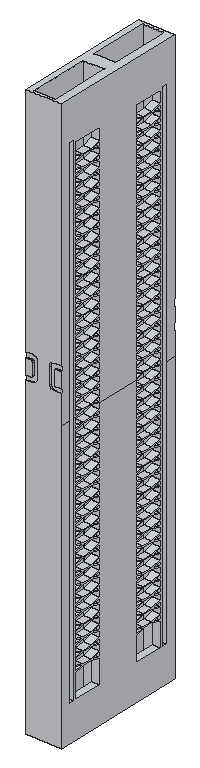
Revit family
Parameters
  Material ID = "760089383"
  Description = "Vertical Cable Management Kit, 6in X 96in (152mm X 2438mm) Double Sided, With Doors, Black"
Reference planes (in)
  plane 1 "Center (Front/Back)": y = 0
  plane 2: z = 0
  plane 3 "Center (Left/Right)": x = 0
Forms (in)
  Extrusion 1, void, not visible
    sketch origin (0, 0, 0) x (1, 0, 0) y (0, 0, 1)
      loop
        line (-7.85662, 0.48089) -> (-7.85662, -0.39002) -> (-7.67285, -0.39002) -> (-7.67285, -0.64002) -> (-7.0736, -0.64002) -> (-7.0736, -0.39002) -> (-6.92978, -0.39002) -> (-6.92978, 0.48089) -> (-7.85662, 0.48089)
    from -3.79215 to 12
  Extrusion 2, void, not visible
    sketch origin (0, 0, 0) x (1, 0, 0) y (0, 0, 1)
      loop
        line (-8.21397, 0.42583) -> (-8.21397, -0.07417) -> (-8.08657, -0.07417) -> (-8.08657, -0.27417) -> (-7.83657, -0.27417) -> (-7.83657, -0.07417) -> (-7.72497, -0.07417) -> (-7.72497, 0.42583) -> (-8.21397, 0.42583)
    from 0.74059 to 3.34334
  Extrusion 3, solid
    sketch origin (0, 0, 0) x (1, 0, 0) y (0, 0, 1)
      loop
        line (3, 48) -> (-3, 48) -> (-3, -48) -> (3, -48) -> (3, 0) -> (3, 48)
    from 11.281 to -12.189
  Extrusion 4, void
    sketch origin (0, 0, 0) x (1, 0, 0) y (0, 0, 1)
      loop
        line (-3, 9.00056) -> (-3, 8.06684) -> (-2.1, 8.06684)
        arc (-2.1, 8.06684) -> (-1.88787, 7.97898) -> (-1.8, 7.76684) r 0.3
        line (-1.8, 7.76684) -> (-1.8, 5.85056)
        arc (-1.8, 5.85056) -> (-1.88787, 5.63843) -> (-2.1, 5.55056) r 0.3
        line (-2.1, 5.55056) -> (-3, 5.55056) -> (-3, 4.75056) -> (-1.8, 4.75056)
        arc (-1.8, 4.75056) -> (-1.23431, 4.98488) -> (-1, 5.55056) r 0.8
        line (-1, 5.55056) -> (-1, 8.20056)
        arc (-1, 8.20056) -> (-1.23431, 8.76625) -> (-1.8, 9.00056) r 0.8
        line (-1.8, 9.00056) -> (-3, 9.00056)
      loop
        line (3, 9.00056) -> (1.8, 9.00056)
        arc (1.8, 9.00056) -> (1.23431, 8.76625) -> (1, 8.20056) r 0.8
        line (1, 8.20056) -> (1, 5.55056)
        arc (1, 5.55056) -> (1.23431, 4.98488) -> (1.8, 4.75056) r 0.8
        line (1.8, 4.75056) -> (3, 4.75056) -> (3, 5.55056) -> (2.1, 5.55056)
        arc (2.1, 5.55056) -> (1.88787, 5.63843) -> (1.8, 5.85056) r 0.3
        line (1.8, 5.85056) -> (1.8, 7.76684)
        arc (1.8, 7.76684) -> (1.88787, 7.97898) -> (2.1, 8.06684) r 0.3
        line (2.1, 8.06684) -> (3, 8.06684) -> (3, 9.00056)
    from 11.08569 to 11.281
  Extrusion 5, void
    sketch origin (0, 0, 0) x (1, 0, 0) y (0, 1, 0)
      loop
        line (1.70983, -0.6615) -> (-2.04017, -0.6615) -> (-2.04017, -10.9115) -> (1.70983, -10.9115) -> (1.70983, -0.6615)
      loop
        line (1.70983, 1.5695) -> (1.70983, 11.8195) -> (-2.04017, 11.8195) -> (-2.04017, 1.5695) -> (1.70983, 1.5695)
    from -58.88014 to 54.97812
  Extrusion 6, void
    sketch origin (0, 0, 0) x (0, 1, 0) y (0, 0, 1)
      loop
        line (-3.37841, 39.06909) -> (-3.37841, 41.06909) -> (-8.50915, 41.06909) -> (-8.50915, 39.06909) -> (-6.81878, 38.61615) -> (-5.06878, 38.61615) -> (-3.37841, 39.06909)
      loop
        line (-3.37841, 38.06909) -> (-5.06878, 38.52202) -> (-6.81878, 38.52202) -> (-8.50915, 38.06909) -> (-8.50915, 37.81909) -> (-8.50915, 37.06909) -> (-6.81878, 36.61615) -> (-5.06878, 36.61615) -> (-3.37841, 37.06909) -> (-3.37841, 37.81909) -> (-3.37841, 38.06909)
      loop
        line (-3.37841, 39.00985) -> (-4.9864, 38.57899) -> (-3.37841, 38.14813) -> (-3.37841, 39.00985)
      loop
        line (-8.50915, 39.00985) -> (-8.50915, 38.14813) -> (-6.90115, 38.57899) -> (-8.50915, 39.00985)
      loop
        line (-3.37841, 36.06909) -> (-5.06878, 36.52202) -> (-6.81878, 36.52202) -> (-8.50915, 36.06909) -> (-8.50915, 35.06909) -> (-6.81878, 34.61615) -> (-5.06878, 34.61615) -> (-3.37841, 35.06909) -> (-3.37841, 36.06909)
      loop
        line (-3.37841, 37.00985) -> (-4.9864, 36.57899) -> (-3.37841, 36.14813) -> (-3.37841, 37.00985)
      loop
        line (-8.50915, 37.00985) -> (-8.50915, 36.14813) -> (-6.90115, 36.57899) -> (-8.50915, 37.00985)
      loop
        line (-3.37841, 34.06909) -> (-5.06878, 34.52202) -> (-6.81878, 34.52202) -> (-8.50915, 34.06909) -> (-8.50915, 33.06909) -> (-6.81878, 32.61615) -> (-5.06878, 32.61615) -> (-3.37841, 33.06909) -> (-3.37841, 34.06909)
      loop
        line (-3.37841, 35.00985) -> (-4.9864, 34.57899) -> (-3.37841, 34.14813) -> (-3.37841, 35.00985)
      loop
        line (-8.50915, 35.00985) -> (-8.50915, 34.14813) -> (-6.90115, 34.57899) -> (-8.50915, 35.00985)
      loop
        line (-3.37841, 32.06909) -> (-5.06878, 32.52202) -> (-6.81878, 32.52202) -> (-8.50915, 32.06909) -> (-8.50915, 31.06909) -> (-6.81878, 30.61615) -> (-5.06878, 30.61615) -> (-3.37841, 31.06909) -> (-3.37841, 32.06909)
      loop
        line (-3.37841, 33.00985) -> (-4.9864, 32.57899) -> (-3.37841, 32.14813) -> (-3.37841, 33.00985)
      loop
        line (-8.50915, 33.00985) -> (-8.50915, 32.14813) -> (-6.90115, 32.57899) -> (-8.50915, 33.00985)
      loop
        line (-3.37841, 30.06909) -> (-5.06878, 30.52202) -> (-6.81878, 30.52202) -> (-8.50915, 30.06909) -> (-8.50915, 29.06909) -> (-6.81878, 28.61615) -> (-5.06878, 28.61615) -> (-3.37841, 29.06909) -> (-3.37841, 30.06909)
      loop
        line (-3.37841, 31.00985) -> (-4.9864, 30.57899) -> (-3.37841, 30.14813) -> (-3.37841, 31.00985)
      loop
        line (-8.50915, 31.00985) -> (-8.50915, 30.14813) -> (-6.90115, 30.57899) -> (-8.50915, 31.00985)
      loop
        line (-3.37841, 28.06909) -> (-5.06878, 28.52202) -> (-6.81878, 28.52202) -> (-8.50915, 28.06909) -> (-8.50915, 27.06909) -> (-6.81878, 26.61615) -> (-5.06878, 26.61615) -> (-3.37841, 27.06909) -> (-3.37841, 28.06909)
      loop
        line (-3.37841, 29.00985) -> (-4.9864, 28.57899) -> (-3.37841, 28.14813) -> (-3.37841, 29.00985)
      loop
        line (-8.50915, 29.00985) -> (-8.50915, 28.14813) -> (-6.90115, 28.57899) -> (-8.50915, 29.00985)
      loop
        line (-3.37841, 26.06909) -> (-5.06878, 26.52202) -> (-6.81878, 26.52202) -> (-8.50915, 26.06909) -> (-8.50915, 25.06909) -> (-6.81878, 24.61615) -> (-5.06878, 24.61615) -> (-3.37841, 25.06909) -> (-3.37841, 26.06909)
      loop
        line (-3.37841, 27.00985) -> (-4.9864, 26.57899) -> (-3.37841, 26.14813) -> (-3.37841, 27.00985)
      loop
        line (-8.50915, 27.00985) -> (-8.50915, 26.14813) -> (-6.90115, 26.57899) -> (-8.50915, 27.00985)
      loop
        line (-3.37841, 24.06909) -> (-5.06878, 24.52202) -> (-6.81878, 24.52202) -> (-8.50915, 24.06909) -> (-8.50915, 23.06909) -> (-6.81878, 22.61615) -> (-5.06878, 22.61615) -> (-3.37841, 23.06909) -> (-3.37841, 24.06909)
      loop
        line (-3.37841, 25.00985) -> (-4.9864, 24.57899) -> (-3.37841, 24.14813) -> (-3.37841, 25.00985)
      loop
        line (-8.50915, 25.00985) -> (-8.50915, 24.14813) -> (-6.90115, 24.57899) -> (-8.50915, 25.00985)
      loop
        line (-3.37841, 22.06909) -> (-5.06878, 22.52202) -> (-6.81878, 22.52202) -> (-8.50915, 22.06909) -> (-8.50915, 21.06909) -> (-6.81878, 20.61615) -> (-5.06878, 20.61615) -> (-3.37841, 21.06909) -> (-3.37841, 22.06909)
      loop
        line (-3.37841, 23.00985) -> (-4.9864, 22.57899) -> (-3.37841, 22.14813) -> (-3.37841, 23.00985)
      loop
        line (-8.50915, 23.00985) -> (-8.50915, 22.14813) -> (-6.90115, 22.57899) -> (-8.50915, 23.00985)
      loop
        line (-3.37841, 20.06909) -> (-5.06878, 20.52202) -> (-6.81878, 20.52202) -> (-8.50915, 20.06909) -> (-8.50915, 19.06909) -> (-6.81878, 18.61615) -> (-5.06878, 18.61615) -> (-3.37841, 19.06909) -> (-3.37841, 20.06909)
      loop
        line (-3.37841, 21.00985) -> (-4.9864, 20.57899) -> (-3.37841, 20.14813) -> (-3.37841, 21.00985)
      loop
        line (-8.50915, 21.00985) -> (-8.50915, 20.14813) -> (-6.90115, 20.57899) -> (-8.50915, 21.00985)
      loop
        line (-3.37841, 18.06909) -> (-5.06878, 18.52202) -> (-6.81878, 18.52202) -> (-8.50915, 18.06909) -> (-8.50915, 17.06909) -> (-6.81878, 16.61615) -> (-5.06878, 16.61615) -> (-3.37841, 17.06909) -> (-3.37841, 18.06909)
      loop
        line (-3.37841, 19.00985) -> (-4.9864, 18.57899) -> (-3.37841, 18.14813) -> (-3.37841, 19.00985)
      loop
        line (-8.50915, 19.00985) -> (-8.50915, 18.14813) -> (-6.90115, 18.57899) -> (-8.50915, 19.00985)
      loop
        line (-3.37841, 16.06909) -> (-5.06878, 16.52202) -> (-6.81878, 16.52202) -> (-8.50915, 16.06909) -> (-8.50915, 15.06909) -> (-6.81878, 14.61615) -> (-5.06878, 14.61615) -> (-3.37841, 15.06909) -> (-3.37841, 16.06909)
      loop
        line (-3.37841, 17.00985) -> (-4.9864, 16.57899) -> (-3.37841, 16.14813) -> (-3.37841, 17.00985)
      loop
        line (-8.50915, 17.00985) -> (-8.50915, 16.14813) -> (-6.90115, 16.57899) -> (-8.50915, 17.00985)
      loop
        line (-3.37841, 14.06909) -> (-5.06878, 14.52202) -> (-6.81878, 14.52202) -> (-8.50915, 14.06909) -> (-8.50915, 13.06909) -> (-6.81878, 12.61615) -> (-5.06878, 12.61615) -> (-3.37841, 13.06909) -> (-3.37841, 14.06909)
      loop
        line (-3.37841, 15.00985) -> (-4.9864, 14.57899) -> (-3.37841, 14.14813) -> (-3.37841, 15.00985)
      loop
        line (-8.50915, 15.00985) -> (-8.50915, 14.14813) -> (-6.90115, 14.57899) -> (-8.50915, 15.00985)
      loop
        line (-3.37841, 12.06909) -> (-5.06878, 12.52202) -> (-6.81878, 12.52202) -> (-8.50915, 12.06909) -> (-8.50915, 11.06909) -> (-6.81878, 10.61615) -> (-5.06878, 10.61615) -> (-3.37841, 11.06909) -> (-3.37841, 12.06909)
      loop
        line (-3.37841, 13.00985) -> (-4.9864, 12.57899) -> (-3.37841, 12.14813) -> (-3.37841, 13.00985)
      loop
        line (-8.50915, 13.00985) -> (-8.50915, 12.14813) -> (-6.90115, 12.57899) -> (-8.50915, 13.00985)
      loop
        line (-3.37841, 10.06909) -> (-5.06878, 10.52202) -> (-6.81878, 10.52202) -> (-8.50915, 10.06909) -> (-8.50915, 9.06909) -> (-6.81878, 8.61615) -> (-5.06878, 8.61615) -> (-3.37841, 9.06909) -> (-3.37841, 10.06909)
      loop
        line (-3.37841, 11.00985) -> (-4.9864, 10.57899) -> (-3.37841, 10.14813) -> (-3.37841, 11.00985)
      loop
        line (-8.50915, 11.00985) -> (-8.50915, 10.14813) -> (-6.90115, 10.57899) -> (-8.50915, 11.00985)
      loop
        line (-3.37841, 8.06909) -> (-5.06878, 8.52202) -> (-6.81878, 8.52202) -> (-8.50915, 8.06909) -> (-8.50915, 7.06909) -> (-6.81878, 6.61615) -> (-5.06878, 6.61615) -> (-3.37841, 7.06909) -> (-3.37841, 8.06909)
      loop
        line (-3.37841, 9.00985) -> (-4.9864, 8.57899) -> (-3.37841, 8.14813) -> (-3.37841, 9.00985)
      loop
        line (-8.50915, 9.00985) -> (-8.50915, 8.14813) -> (-6.90115, 8.57899) -> (-8.50915, 9.00985)
      loop
        line (-3.37841, 6.06909) -> (-5.06878, 6.52202) -> (-6.81878, 6.52202) -> (-8.50915, 6.06909) -> (-8.50915, 5.06909) -> (-6.81878, 4.61615) -> (-5.06878, 4.61615) -> (-3.37841, 5.06909) -> (-3.37841, 6.06909)
      loop
        line (-3.37841, 7.00985) -> (-4.9864, 6.57899) -> (-3.37841, 6.14813) -> (-3.37841, 7.00985)
      loop
        line (-8.50915, 7.00985) -> (-8.50915, 6.14813) -> (-6.90115, 6.57899) -> (-8.50915, 7.00985)
      loop
        line (-3.37841, 4.06909) -> (-5.06878, 4.52202) -> (-6.81878, 4.52202) -> (-8.50915, 4.06909) -> (-8.50915, 3.06909) -> (-6.81878, 2.61615) -> (-5.06878, 2.61615) -> (-3.37841, 3.06909) -> (-3.37841, 4.06909)
      loop
        line (-3.37841, 5.00985) -> (-4.9864, 4.57899) -> (-3.37841, 4.14813) -> (-3.37841, 5.00985)
      loop
        line (-8.50915, 5.00985) -> (-8.50915, 4.14813) -> (-6.90115, 4.57899) -> (-8.50915, 5.00985)
      loop
        line (-3.37841, 2.06909) -> (-5.06878, 2.52202) -> (-6.81878, 2.52202) -> (-8.50915, 2.06909) -> (-8.50915, 1.06909) -> (-6.81878, 0.61615) -> (-5.06878, 0.61615) -> (-3.37841, 1.06909) -> (-3.37841, 2.06909)
      loop
        line (-3.37841, 3.00985) -> (-4.9864, 2.57899) -> (-3.37841, 2.14813) -> (-3.37841, 3.00985)
      loop
        line (-8.50915, 3.00985) -> (-8.50915, 2.14813) -> (-6.90115, 2.57899) -> (-8.50915, 3.00985)
      loop
        line (-3.37841, 0.06909) -> (-5.06878, 0.52202) -> (-6.81878, 0.52202) -> (-8.50915, 0.06909) -> (-8.50915, -0.93091) -> (-6.81878, -1.38385) -> (-5.06878, -1.38385) -> (-3.37841, -0.93091) -> (-3.37841, 0.06909)
      loop
        line (-3.37841, 1.00985) -> (-4.9864, 0.57899) -> (-3.37841, 0.14813) -> (-3.37841, 1.00985)
      loop
        line (-8.50915, 1.00985) -> (-8.50915, 0.14813) -> (-6.90115, 0.57899) -> (-8.50915, 1.00985)
      loop
        line (-3.37841, -1.93091) -> (-5.06878, -1.47798) -> (-6.81878, -1.47798) -> (-8.50915, -1.93091) -> (-8.50915, -2.93091) -> (-6.81878, -3.38385) -> (-5.06878, -3.38385) -> (-3.37841, -2.93091) -> (-3.37841, -1.93091)
      loop
        line (-3.37841, -0.99015) -> (-4.9864, -1.42101) -> (-3.37841, -1.85187) -> (-3.37841, -0.99015)
      loop
        line (-8.50915, -0.99015) -> (-8.50915, -1.85187) -> (-6.90115, -1.42101) -> (-8.50915, -0.99015)
      loop
        line (-3.37841, -3.93091) -> (-5.06878, -3.47798) -> (-6.81878, -3.47798) -> (-8.50915, -3.93091) -> (-8.50915, -4.93091) -> (-6.81878, -5.38385) -> (-5.06878, -5.38385) -> (-3.37841, -4.93091) -> (-3.37841, -3.93091)
      loop
        line (-3.37841, -2.99015) -> (-4.9864, -3.42101) -> (-3.37841, -3.85187) -> (-3.37841, -2.99015)
      loop
        line (-8.50915, -2.99015) -> (-8.50915, -3.85187) -> (-6.90115, -3.42101) -> (-8.50915, -2.99015)
      loop
        line (-3.37841, -5.93091) -> (-5.06878, -5.47798) -> (-6.81878, -5.47798) -> (-8.50915, -5.93091) -> (-8.50915, -6.93091) -> (-6.81878, -7.38385) -> (-5.06878, -7.38385) -> (-3.37841, -6.93091) -> (-3.37841, -5.93091)
      loop
        line (-3.37841, -4.99015) -> (-4.9864, -5.42101) -> (-3.37841, -5.85187) -> (-3.37841, -4.99015)
      loop
        line (-8.50915, -4.99015) -> (-8.50915, -5.85187) -> (-6.90115, -5.42101) -> (-8.50915, -4.99015)
      loop
        line (-3.37841, -7.93091) -> (-5.06878, -7.47798) -> (-6.81878, -7.47798) -> (-8.50915, -7.93091) -> (-8.50915, -8.93091) -> (-6.81878, -9.38385) -> (-5.06878, -9.38385) -> (-3.37841, -8.93091) -> (-3.37841, -7.93091)
      loop
        line (-3.37841, -6.99015) -> (-4.9864, -7.42101) -> (-3.37841, -7.85187) -> (-3.37841, -6.99015)
      loop
        line (-8.50915, -6.99015) -> (-8.50915, -7.85187) -> (-6.90115, -7.42101) -> (-8.50915, -6.99015)
      loop
        line (-3.37841, -9.93091) -> (-5.06878, -9.47798) -> (-6.81878, -9.47798) -> (-8.50915, -9.93091) -> (-8.50915, -10.93091) -> (-6.81878, -11.38385) -> (-5.06878, -11.38385) -> (-3.37841, -10.93091) -> (-3.37841, -9.93091)
      loop
        line (-3.37841, -8.99015) -> (-4.9864, -9.42101) -> (-3.37841, -9.85187) -> (-3.37841, -8.99015)
      loop
        line (-8.50915, -8.99015) -> (-8.50915, -9.85187) -> (-6.90115, -9.42101) -> (-8.50915, -8.99015)
      loop
        line (-3.37841, -11.93091) -> (-5.06878, -11.47798) -> (-6.81878, -11.47798) -> (-8.50915, -11.93091) -> (-8.50915, -12.93091) -> (-6.81878, -13.38385) -> (-5.06878, -13.38385) -> (-3.37841, -12.93091) -> (-3.37841, -11.93091)
      loop
        line (-3.37841, -10.99015) -> (-4.9864, -11.42101) -> (-3.37841, -11.85187) -> (-3.37841, -10.99015)
      loop
        line (-8.50915, -10.99015) -> (-8.50915, -11.85187) -> (-6.90115, -11.42101) -> (-8.50915, -10.99015)
      loop
        line (-3.37841, -13.93091) -> (-5.06878, -13.47798) -> (-6.81878, -13.47798) -> (-8.50915, -13.93091) -> (-8.50915, -14.93091) -> (-6.81878, -15.38385) -> (-5.06878, -15.38385) -> (-3.37841, -14.93091) -> (-3.37841, -13.93091)
      loop
        line (-3.37841, -12.99015) -> (-4.9864, -13.42101) -> (-3.37841, -13.85187) -> (-3.37841, -12.99015)
      loop
        line (-8.50915, -12.99015) -> (-8.50915, -13.85187) -> (-6.90115, -13.42101) -> (-8.50915, -12.99015)
      loop
        line (-3.37841, -15.93091) -> (-5.06878, -15.47798) -> (-6.81878, -15.47798) -> (-8.50915, -15.93091) -> (-8.50915, -16.93091) -> (-6.81878, -17.38385) -> (-5.06878, -17.38385) -> (-3.37841, -16.93091) -> (-3.37841, -15.93091)
      loop
        line (-3.37841, -14.99015) -> (-4.9864, -15.42101) -> (-3.37841, -15.85187) -> (-3.37841, -14.99015)
      loop
        line (-8.50915, -14.99015) -> (-8.50915, -15.85187) -> (-6.90115, -15.42101) -> (-8.50915, -14.99015)
      loop
        line (-3.37841, -17.93091) -> (-5.06878, -17.47798) -> (-6.81878, -17.47798) -> (-8.50915, -17.93091) -> (-8.50915, -18.93091) -> (-6.81878, -19.38385) -> (-5.06878, -19.38385) -> (-3.37841, -18.93091) -> (-3.37841, -17.93091)
      loop
        line (-3.37841, -16.99015) -> (-4.9864, -17.42101) -> (-3.37841, -17.85187) -> (-3.37841, -16.99015)
      loop
        line (-8.50915, -16.99015) -> (-8.50915, -17.85187) -> (-6.90115, -17.42101) -> (-8.50915, -16.99015)
      loop
        line (-3.37841, -19.93091) -> (-5.06878, -19.47798) -> (-6.81878, -19.47798) -> (-8.50915, -19.93091) -> (-8.50915, -20.93091) -> (-6.81878, -21.38385) -> (-5.06878, -21.38385) -> (-3.37841, -20.93091) -> (-3.37841, -19.93091)
      loop
        line (-3.37841, -18.99015) -> (-4.9864, -19.42101) -> (-3.37841, -19.85187) -> (-3.37841, -18.99015)
      loop
        line (-8.50915, -18.99015) -> (-8.50915, -19.85187) -> (-6.90115, -19.42101) -> (-8.50915, -18.99015)
      loop
        line (-3.37841, -21.93091) -> (-5.06878, -21.47798) -> (-6.81878, -21.47798) -> (-8.50915, -21.93091) -> (-8.50915, -22.93091) -> (-6.81878, -23.38385) -> (-5.06878, -23.38385) -> (-3.37841, -22.93091) -> (-3.37841, -21.93091)
      loop
        line (-3.37841, -20.99015) -> (-4.9864, -21.42101) -> (-3.37841, -21.85187) -> (-3.37841, -20.99015)
      loop
        line (-8.50915, -20.99015) -> (-8.50915, -21.85187) -> (-6.90115, -21.42101) -> (-8.50915, -20.99015)
      loop
        line (-3.37841, -23.93091) -> (-5.06878, -23.47798) -> (-6.81878, -23.47798) -> (-8.50915, -23.93091) -> (-8.50915, -24.93091) -> (-6.81878, -25.38385) -> (-5.06878, -25.38385) -> (-3.37841, -24.93091) -> (-3.37841, -23.93091)
      loop
        line (-3.37841, -22.99015) -> (-4.9864, -23.42101) -> (-3.37841, -23.85187) -> (-3.37841, -22.99015)
      loop
        line (-8.50915, -22.99015) -> (-8.50915, -23.85187) -> (-6.90115, -23.42101) -> (-8.50915, -22.99015)
      loop
        line (-3.37841, -25.93091) -> (-5.06878, -25.47798) -> (-6.81878, -25.47798) -> (-8.50915, -25.93091) -> (-8.50915, -26.93091) -> (-6.81878, -27.38385) -> (-5.06878, -27.38385) -> (-3.37841, -26.93091) -> (-3.37841, -25.93091)
      loop
        line (-3.37841, -24.99015) -> (-4.9864, -25.42101) -> (-3.37841, -25.85187) -> (-3.37841, -24.99015)
      loop
        line (-8.50915, -24.99015) -> (-8.50915, -25.85187) -> (-6.90115, -25.42101) -> (-8.50915, -24.99015)
      loop
        line (-3.37841, -27.93091) -> (-5.06878, -27.47798) -> (-6.81878, -27.47798) -> (-8.50915, -27.93091) -> (-8.50915, -28.93091) -> (-6.81878, -29.38385) -> (-5.06878, -29.38385) -> (-3.37841, -28.93091) -> (-3.37841, -27.93091)
      loop
        line (-3.37841, -26.99015) -> (-4.9864, -27.42101) -> (-3.37841, -27.85187) -> (-3.37841, -26.99015)
      loop
        line (-8.50915, -26.99015) -> (-8.50915, -27.85187) -> (-6.90115, -27.42101) -> (-8.50915, -26.99015)
      loop
        line (-3.37841, -29.93091) -> (-5.06878, -29.47798) -> (-6.81878, -29.47798) -> (-8.50915, -29.93091) -> (-8.50915, -30.93091) -> (-6.81878, -31.38385) -> (-5.06878, -31.38385) -> (-3.37841, -30.93091) -> (-3.37841, -29.93091)
      loop
        line (-3.37841, -28.99015) -> (-4.9864, -29.42101) -> (-3.37841, -29.85187) -> (-3.37841, -28.99015)
      loop
        line (-8.50915, -28.99015) -> (-8.50915, -29.85187) -> (-6.90115, -29.42101) -> (-8.50915, -28.99015)
      loop
        line (-3.37841, -31.93091) -> (-5.06878, -31.47798) -> (-6.81878, -31.47798) -> (-8.50915, -31.93091) -> (-8.50915, -32.93091) -> (-6.81878, -33.38385) -> (-5.06878, -33.38385) -> (-3.37841, -32.93091) -> (-3.37841, -31.93091)
      loop
        line (-3.37841, -30.99015) -> (-4.9864, -31.42101) -> (-3.37841, -31.85187) -> (-3.37841, -30.99015)
      loop
        line (-8.50915, -30.99015) -> (-8.50915, -31.85187) -> (-6.90115, -31.42101) -> (-8.50915, -30.99015)
      loop
        line (-3.37841, -33.93091) -> (-5.06878, -33.47798) -> (-6.81878, -33.47798) -> (-8.50915, -33.93091) -> (-8.50915, -34.93091) -> (-6.81878, -35.38385) -> (-5.06878, -35.38385) -> (-3.37841, -34.93091) -> (-3.37841, -33.93091)
      loop
        line (-3.37841, -32.99015) -> (-4.9864, -33.42101) -> (-3.37841, -33.85187) -> (-3.37841, -32.99015)
      loop
        line (-8.50915, -32.99015) -> (-8.50915, -33.85187) -> (-6.90115, -33.42101) -> (-8.50915, -32.99015)
      loop
        line (-3.37841, -35.93091) -> (-5.06878, -35.47798) -> (-6.81878, -35.47798) -> (-8.50915, -35.93091) -> (-8.50915, -36.93091) -> (-6.81878, -37.38385) -> (-5.06878, -37.38385) -> (-3.37841, -36.93091) -> (-3.37841, -35.93091)
      loop
        line (-3.37841, -34.99015) -> (-4.9864, -35.42101) -> (-3.37841, -35.85187) -> (-3.37841, -34.99015)
      loop
        line (-8.50915, -34.99015) -> (-8.50915, -35.85187) -> (-6.90115, -35.42101) -> (-8.50915, -34.99015)
      loop
        line (-3.37841, -37.93091) -> (-5.06878, -37.47798) -> (-6.81878, -37.47798) -> (-8.50915, -37.93091) -> (-8.50915, -42) -> (-3.37841, -42) -> (-3.37841, -37.93091)
      loop
        line (-3.37841, -36.99015) -> (-4.9864, -37.42101) -> (-3.37841, -37.85187) -> (-3.37841, -36.99015)
      loop
        line (-8.50915, -36.99015) -> (-8.50915, -37.85187) -> (-6.90115, -37.42101) -> (-8.50915, -36.99015)
      loop
        line (4.05541, 39.06909) -> (5.74578, 38.61615) -> (7.49578, 38.61615) -> (9.18615, 39.06909) -> (9.18615, 41.06909) -> (4.05541, 41.06909) -> (4.05541, 39.06909)
      loop
        line (4.05541, 38.06909) -> (4.05541, 37.81909) -> (4.05541, 37.06909) -> (5.74578, 36.61615) -> (7.49578, 36.61615) -> (9.18615, 37.06909) -> (9.18615, 37.81909) -> (9.18615, 38.06909) -> (7.49578, 38.52202) -> (5.74578, 38.52202) -> (4.05541, 38.06909)
      loop
        line (4.05541, 39.00985) -> (4.05541, 38.14813) -> (5.6634, 38.57899) -> (4.05541, 39.00985)
      loop
        line (9.18615, 39.00985) -> (7.57815, 38.57899) -> (9.18615, 38.14813) -> (9.18615, 39.00985)
      loop
        line (4.05541, 36.06909) -> (4.05541, 35.06909) -> (5.74578, 34.61615) -> (7.49578, 34.61615) -> (9.18615, 35.06909) -> (9.18615, 36.06909) -> (7.49578, 36.52202) -> (5.74578, 36.52202) -> (4.05541, 36.06909)
      loop
        line (4.05541, 37.00985) -> (4.05541, 36.14813) -> (5.6634, 36.57899) -> (4.05541, 37.00985)
      loop
        line (9.18615, 37.00985) -> (7.57815, 36.57899) -> (9.18615, 36.14813) -> (9.18615, 37.00985)
      loop
        line (4.05541, 34.06909) -> (4.05541, 33.06909) -> (5.74578, 32.61615) -> (7.49578, 32.61615) -> (9.18615, 33.06909) -> (9.18615, 34.06909) -> (7.49578, 34.52202) -> (5.74578, 34.52202) -> (4.05541, 34.06909)
      loop
        line (4.05541, 35.00985) -> (4.05541, 34.14813) -> (5.6634, 34.57899) -> (4.05541, 35.00985)
      loop
        line (9.18615, 35.00985) -> (7.57815, 34.57899) -> (9.18615, 34.14813) -> (9.18615, 35.00985)
      loop
        line (4.05541, 32.06909) -> (4.05541, 31.06909) -> (5.74578, 30.61615) -> (7.49578, 30.61615) -> (9.18615, 31.06909) -> (9.18615, 32.06909) -> (7.49578, 32.52202) -> (5.74578, 32.52202) -> (4.05541, 32.06909)
      loop
        line (4.05541, 33.00985) -> (4.05541, 32.14813) -> (5.6634, 32.57899) -> (4.05541, 33.00985)
      loop
        line (9.18615, 33.00985) -> (7.57815, 32.57899) -> (9.18615, 32.14813) -> (9.18615, 33.00985)
      loop
        line (4.05541, 30.06909) -> (4.05541, 29.06909) -> (5.74578, 28.61615) -> (7.49578, 28.61615) -> (9.18615, 29.06909) -> (9.18615, 30.06909) -> (7.49578, 30.52202) -> (5.74578, 30.52202) -> (4.05541, 30.06909)
      loop
        line (4.05541, 31.00985) -> (4.05541, 30.14813) -> (5.6634, 30.57899) -> (4.05541, 31.00985)
      loop
        line (9.18615, 31.00985) -> (7.57815, 30.57899) -> (9.18615, 30.14813) -> (9.18615, 31.00985)
      loop
        line (4.05541, 28.06909) -> (4.05541, 27.06909) -> (5.74578, 26.61615) -> (7.49578, 26.61615) -> (9.18615, 27.06909) -> (9.18615, 28.06909) -> (7.49578, 28.52202) -> (5.74578, 28.52202) -> (4.05541, 28.06909)
      loop
        line (4.05541, 29.00985) -> (4.05541, 28.14813) -> (5.6634, 28.57899) -> (4.05541, 29.00985)
      loop
        line (9.18615, 29.00985) -> (7.57815, 28.57899) -> (9.18615, 28.14813) -> (9.18615, 29.00985)
      loop
        line (4.05541, 26.06909) -> (4.05541, 25.06909) -> (5.74578, 24.61615) -> (7.49578, 24.61615) -> (9.18615, 25.06909) -> (9.18615, 26.06909) -> (7.49578, 26.52202) -> (5.74578, 26.52202) -> (4.05541, 26.06909)
      loop
        line (4.05541, 27.00985) -> (4.05541, 26.14813) -> (5.6634, 26.57899) -> (4.05541, 27.00985)
      loop
        line (9.18615, 27.00985) -> (7.57815, 26.57899) -> (9.18615, 26.14813) -> (9.18615, 27.00985)
      loop
        line (4.05541, 24.06909) -> (4.05541, 23.06909) -> (5.74578, 22.61615) -> (7.49578, 22.61615) -> (9.18615, 23.06909) -> (9.18615, 24.06909) -> (7.49578, 24.52202) -> (5.74578, 24.52202) -> (4.05541, 24.06909)
      loop
        line (4.05541, 25.00985) -> (4.05541, 24.14813) -> (5.6634, 24.57899) -> (4.05541, 25.00985)
      loop
        line (9.18615, 25.00985) -> (7.57815, 24.57899) -> (9.18615, 24.14813) -> (9.18615, 25.00985)
      loop
        line (4.05541, 22.06909) -> (4.05541, 21.06909) -> (5.74578, 20.61615) -> (7.49578, 20.61615) -> (9.18615, 21.06909) -> (9.18615, 22.06909) -> (7.49578, 22.52202) -> (5.74578, 22.52202) -> (4.05541, 22.06909)
      loop
        line (4.05541, 23.00985) -> (4.05541, 22.14813) -> (5.6634, 22.57899) -> (4.05541, 23.00985)
      loop
        line (9.18615, 23.00985) -> (7.57815, 22.57899) -> (9.18615, 22.14813) -> (9.18615, 23.00985)
      loop
        line (4.05541, 20.06909) -> (4.05541, 19.06909) -> (5.74578, 18.61615) -> (7.49578, 18.61615) -> (9.18615, 19.06909) -> (9.18615, 20.06909) -> (7.49578, 20.52202) -> (5.74578, 20.52202) -> (4.05541, 20.06909)
      loop
        line (4.05541, 21.00985) -> (4.05541, 20.14813) -> (5.6634, 20.57899) -> (4.05541, 21.00985)
      loop
        line (9.18615, 21.00985) -> (7.57815, 20.57899) -> (9.18615, 20.14813) -> (9.18615, 21.00985)
      loop
        line (4.05541, 18.06909) -> (4.05541, 17.06909) -> (5.74578, 16.61615) -> (7.49578, 16.61615) -> (9.18615, 17.06909) -> (9.18615, 18.06909) -> (7.49578, 18.52202) -> (5.74578, 18.52202) -> (4.05541, 18.06909)
      loop
        line (4.05541, 19.00985) -> (4.05541, 18.14813) -> (5.6634, 18.57899) -> (4.05541, 19.00985)
      loop
        line (9.18615, 19.00985) -> (7.57815, 18.57899) -> (9.18615, 18.14813) -> (9.18615, 19.00985)
      loop
        line (4.05541, 16.06909) -> (4.05541, 15.06909) -> (5.74578, 14.61615) -> (7.49578, 14.61615) -> (9.18615, 15.06909) -> (9.18615, 16.06909) -> (7.49578, 16.52202) -> (5.74578, 16.52202) -> (4.05541, 16.06909)
      loop
        line (4.05541, 17.00985) -> (4.05541, 16.14813) -> (5.6634, 16.57899) -> (4.05541, 17.00985)
      loop
        line (9.18615, 17.00985) -> (7.57815, 16.57899) -> (9.18615, 16.14813) -> (9.18615, 17.00985)
      loop
        line (4.05541, 14.06909) -> (4.05541, 13.06909) -> (5.74578, 12.61615) -> (7.49578, 12.61615) -> (9.18615, 13.06909) -> (9.18615, 14.06909) -> (7.49578, 14.52202) -> (5.74578, 14.52202) -> (4.05541, 14.06909)
      loop
        line (4.05541, 15.00985) -> (4.05541, 14.14813) -> (5.6634, 14.57899) -> (4.05541, 15.00985)
      loop
        line (9.18615, 15.00985) -> (7.57815, 14.57899) -> (9.18615, 14.14813) -> (9.18615, 15.00985)
      loop
        line (4.05541, 12.06909) -> (4.05541, 11.06909) -> (5.74578, 10.61615) -> (7.49578, 10.61615) -> (9.18615, 11.06909) -> (9.18615, 12.06909) -> (7.49578, 12.52202) -> (5.74578, 12.52202) -> (4.05541, 12.06909)
      loop
        line (4.05541, 13.00985) -> (4.05541, 12.14813) -> (5.6634, 12.57899) -> (4.05541, 13.00985)
      loop
        line (9.18615, 13.00985) -> (7.57815, 12.57899) -> (9.18615, 12.14813) -> (9.18615, 13.00985)
      loop
        line (4.05541, 10.06909) -> (4.05541, 9.06909) -> (5.74578, 8.61615) -> (7.49578, 8.61615) -> (9.18615, 9.06909) -> (9.18615, 10.06909) -> (7.49578, 10.52202) -> (5.74578, 10.52202) -> (4.05541, 10.06909)
      loop
        line (4.05541, 11.00985) -> (4.05541, 10.14813) -> (5.6634, 10.57899) -> (4.05541, 11.00985)
      loop
        line (9.18615, 11.00985) -> (7.57815, 10.57899) -> (9.18615, 10.14813) -> (9.18615, 11.00985)
      loop
        line (4.05541, 8.06909) -> (4.05541, 7.06909) -> (5.74578, 6.61615) -> (7.49578, 6.61615) -> (9.18615, 7.06909) -> (9.18615, 8.06909) -> (7.49578, 8.52202) -> (5.74578, 8.52202) -> (4.05541, 8.06909)
      loop
        line (4.05541, 9.00985) -> (4.05541, 8.14813) -> (5.6634, 8.57899) -> (4.05541, 9.00985)
      loop
        line (9.18615, 9.00985) -> (7.57815, 8.57899) -> (9.18615, 8.14813) -> (9.18615, 9.00985)
      loop
        line (4.05541, 6.06909) -> (4.05541, 5.06909) -> (5.74578, 4.61615) -> (7.49578, 4.61615) -> (9.18615, 5.06909) -> (9.18615, 6.06909) -> (7.49578, 6.52202) -> (5.74578, 6.52202) -> (4.05541, 6.06909)
      loop
        line (4.05541, 7.00985) -> (4.05541, 6.14813) -> (5.6634, 6.57899) -> (4.05541, 7.00985)
      loop
        line (9.18615, 7.00985) -> (7.57815, 6.57899) -> (9.18615, 6.14813) -> (9.18615, 7.00985)
      loop
        line (4.05541, 4.06909) -> (4.05541, 3.06909) -> (5.74578, 2.61615) -> (7.49578, 2.61615) -> (9.18615, 3.06909) -> (9.18615, 4.06909) -> (7.49578, 4.52202) -> (5.74578, 4.52202) -> (4.05541, 4.06909)
      loop
        line (4.05541, 5.00985) -> (4.05541, 4.14813) -> (5.6634, 4.57899) -> (4.05541, 5.00985)
      loop
        line (9.18615, 5.00985) -> (7.57815, 4.57899) -> (9.18615, 4.14813) -> (9.18615, 5.00985)
      loop
        line (4.05541, 2.06909) -> (4.05541, 1.06909) -> (5.74578, 0.61615) -> (7.49578, 0.61615) -> (9.18615, 1.06909) -> (9.18615, 2.06909) -> (7.49578, 2.52202) -> (5.74578, 2.52202) -> (4.05541, 2.06909)
      loop
        line (4.05541, 3.00985) -> (4.05541, 2.14813) -> (5.6634, 2.57899) -> (4.05541, 3.00985)
      loop
        line (9.18615, 3.00985) -> (7.57815, 2.57899) -> (9.18615, 2.14813) -> (9.18615, 3.00985)
      loop
        line (4.05541, 0.06909) -> (4.05541, -0.93091) -> (5.74578, -1.38385) -> (7.49578, -1.38385) -> (9.18615, -0.93091) -> (9.18615, 0.06909) -> (7.49578, 0.52202) -> (5.74578, 0.52202) -> (4.05541, 0.06909)
      loop
        line (4.05541, 1.00985) -> (4.05541, 0.14813) -> (5.6634, 0.57899) -> (4.05541, 1.00985)
      loop
        line (9.18615, 1.00985) -> (7.57815, 0.57899) -> (9.18615, 0.14813) -> (9.18615, 1.00985)
      loop
        line (4.05541, -1.93091) -> (4.05541, -2.93091) -> (5.74578, -3.38385) -> (7.49578, -3.38385) -> (9.18615, -2.93091) -> (9.18615, -1.93091) -> (7.49578, -1.47798) -> (5.74578, -1.47798) -> (4.05541, -1.93091)
      loop
        line (4.05541, -0.99015) -> (4.05541, -1.85187) -> (5.6634, -1.42101) -> (4.05541, -0.99015)
      loop
        line (9.18615, -0.99015) -> (7.57815, -1.42101) -> (9.18615, -1.85187) -> (9.18615, -0.99015)
      loop
        line (4.05541, -3.93091) -> (4.05541, -4.93091) -> (5.74578, -5.38385) -> (7.49578, -5.38385) -> (9.18615, -4.93091) -> (9.18615, -3.93091) -> (7.49578, -3.47798) -> (5.74578, -3.47798) -> (4.05541, -3.93091)
      loop
        line (4.05541, -2.99015) -> (4.05541, -3.85187) -> (5.6634, -3.42101) -> (4.05541, -2.99015)
      loop
        line (9.18615, -2.99015) -> (7.57815, -3.42101) -> (9.18615, -3.85187) -> (9.18615, -2.99015)
      loop
        line (4.05541, -5.93091) -> (4.05541, -6.93091) -> (5.74578, -7.38385) -> (7.49578, -7.38385) -> (9.18615, -6.93091) -> (9.18615, -5.93091) -> (7.49578, -5.47798) -> (5.74578, -5.47798) -> (4.05541, -5.93091)
      loop
        line (4.05541, -4.99015) -> (4.05541, -5.85187) -> (5.6634, -5.42101) -> (4.05541, -4.99015)
      loop
        line (9.18615, -4.99015) -> (7.57815, -5.42101) -> (9.18615, -5.85187) -> (9.18615, -4.99015)
      loop
        line (4.05541, -7.93091) -> (4.05541, -8.93091) -> (5.74578, -9.38385) -> (7.49578, -9.38385) -> (9.18615, -8.93091) -> (9.18615, -7.93091) -> (7.49578, -7.47798) -> (5.74578, -7.47798) -> (4.05541, -7.93091)
      loop
        line (4.05541, -6.99015) -> (4.05541, -7.85187) -> (5.6634, -7.42101) -> (4.05541, -6.99015)
      loop
        line (9.18615, -6.99015) -> (7.57815, -7.42101) -> (9.18615, -7.85187) -> (9.18615, -6.99015)
      loop
        line (4.05541, -9.93091) -> (4.05541, -10.93091) -> (5.74578, -11.38385) -> (7.49578, -11.38385) -> (9.18615, -10.93091) -> (9.18615, -9.93091) -> (7.49578, -9.47798) -> (5.74578, -9.47798) -> (4.05541, -9.93091)
      loop
        line (4.05541, -8.99015) -> (4.05541, -9.85187) -> (5.6634, -9.42101) -> (4.05541, -8.99015)
      loop
        line (9.18615, -8.99015) -> (7.57815, -9.42101) -> (9.18615, -9.85187) -> (9.18615, -8.99015)
      loop
        line (4.05541, -11.93091) -> (4.05541, -12.93091) -> (5.74578, -13.38385) -> (7.49578, -13.38385) -> (9.18615, -12.93091) -> (9.18615, -11.93091) -> (7.49578, -11.47798) -> (5.74578, -11.47798) -> (4.05541, -11.93091)
      loop
        line (4.05541, -10.99015) -> (4.05541, -11.85187) -> (5.6634, -11.42101) -> (4.05541, -10.99015)
      loop
        line (9.18615, -10.99015) -> (7.57815, -11.42101) -> (9.18615, -11.85187) -> (9.18615, -10.99015)
      loop
        line (4.05541, -13.93091) -> (4.05541, -14.93091) -> (5.74578, -15.38385) -> (7.49578, -15.38385) -> (9.18615, -14.93091) -> (9.18615, -13.93091) -> (7.49578, -13.47798) -> (5.74578, -13.47798) -> (4.05541, -13.93091)
      loop
        line (4.05541, -12.99015) -> (4.05541, -13.85187) -> (5.6634, -13.42101) -> (4.05541, -12.99015)
      loop
        line (9.18615, -12.99015) -> (7.57815, -13.42101) -> (9.18615, -13.85187) -> (9.18615, -12.99015)
      loop
        line (4.05541, -15.93091) -> (4.05541, -16.93091) -> (5.74578, -17.38385) -> (7.49578, -17.38385) -> (9.18615, -16.93091) -> (9.18615, -15.93091) -> (7.49578, -15.47798) -> (5.74578, -15.47798) -> (4.05541, -15.93091)
      loop
        line (4.05541, -14.99015) -> (4.05541, -15.85187) -> (5.6634, -15.42101) -> (4.05541, -14.99015)
      loop
        line (9.18615, -14.99015) -> (7.57815, -15.42101) -> (9.18615, -15.85187) -> (9.18615, -14.99015)
      loop
        line (4.05541, -17.93091) -> (4.05541, -18.93091) -> (5.74578, -19.38385) -> (7.49578, -19.38385) -> (9.18615, -18.93091) -> (9.18615, -17.93091) -> (7.49578, -17.47798) -> (5.74578, -17.47798) -> (4.05541, -17.93091)
      loop
        line (4.05541, -16.99015) -> (4.05541, -17.85187) -> (5.6634, -17.42101) -> (4.05541, -16.99015)
      loop
        line (9.18615, -16.99015) -> (7.57815, -17.42101) -> (9.18615, -17.85187) -> (9.18615, -16.99015)
      loop
        line (4.05541, -19.93091) -> (4.05541, -20.93091) -> (5.74578, -21.38385) -> (7.49578, -21.38385) -> (9.18615, -20.93091) -> (9.18615, -19.93091) -> (7.49578, -19.47798) -> (5.74578, -19.47798) -> (4.05541, -19.93091)
      loop
        line (4.05541, -18.99015) -> (4.05541, -19.85187) -> (5.6634, -19.42101) -> (4.05541, -18.99015)
      loop
        line (9.18615, -18.99015) -> (7.57815, -19.42101) -> (9.18615, -19.85187) -> (9.18615, -18.99015)
      loop
        line (4.05541, -21.93091) -> (4.05541, -22.93091) -> (5.74578, -23.38385) -> (7.49578, -23.38385) -> (9.18615, -22.93091) -> (9.18615, -21.93091) -> (7.49578, -21.47798) -> (5.74578, -21.47798) -> (4.05541, -21.93091)
      loop
        line (4.05541, -20.99015) -> (4.05541, -21.85187) -> (5.6634, -21.42101) -> (4.05541, -20.99015)
      loop
        line (9.18615, -20.99015) -> (7.57815, -21.42101) -> (9.18615, -21.85187) -> (9.18615, -20.99015)
      loop
        line (4.05541, -23.93091) -> (4.05541, -24.93091) -> (5.74578, -25.38385) -> (7.49578, -25.38385) -> (9.18615, -24.93091) -> (9.18615, -23.93091) -> (7.49578, -23.47798) -> (5.74578, -23.47798) -> (4.05541, -23.93091)
      loop
        line (4.05541, -22.99015) -> (4.05541, -23.85187) -> (5.6634, -23.42101) -> (4.05541, -22.99015)
      loop
        line (9.18615, -22.99015) -> (7.57815, -23.42101) -> (9.18615, -23.85187) -> (9.18615, -22.99015)
      loop
        line (4.05541, -25.93091) -> (4.05541, -26.93091) -> (5.74578, -27.38385) -> (7.49578, -27.38385) -> (9.18615, -26.93091) -> (9.18615, -25.93091) -> (7.49578, -25.47798) -> (5.74578, -25.47798) -> (4.05541, -25.93091)
      loop
        line (4.05541, -24.99015) -> (4.05541, -25.85187) -> (5.6634, -25.42101) -> (4.05541, -24.99015)
      loop
        line (9.18615, -24.99015) -> (7.57815, -25.42101) -> (9.18615, -25.85187) -> (9.18615, -24.99015)
      loop
        line (4.05541, -27.93091) -> (4.05541, -28.93091) -> (5.74578, -29.38385) -> (7.49578, -29.38385) -> (9.18615, -28.93091) -> (9.18615, -27.93091) -> (7.49578, -27.47798) -> (5.74578, -27.47798) -> (4.05541, -27.93091)
      loop
        line (4.05541, -26.99015) -> (4.05541, -27.85187) -> (5.6634, -27.42101) -> (4.05541, -26.99015)
      loop
        line (9.18615, -26.99015) -> (7.57815, -27.42101) -> (9.18615, -27.85187) -> (9.18615, -26.99015)
      loop
        line (4.05541, -29.93091) -> (4.05541, -30.93091) -> (5.74578, -31.38385) -> (7.49578, -31.38385) -> (9.18615, -30.93091) -> (9.18615, -29.93091) -> (7.49578, -29.47798) -> (5.74578, -29.47798) -> (4.05541, -29.93091)
      loop
        line (4.05541, -28.99015) -> (4.05541, -29.85187) -> (5.6634, -29.42101) -> (4.05541, -28.99015)
      loop
        line (9.18615, -28.99015) -> (7.57815, -29.42101) -> (9.18615, -29.85187) -> (9.18615, -28.99015)
      loop
        line (4.05541, -31.93091) -> (4.05541, -32.93091) -> (5.74578, -33.38385) -> (7.49578, -33.38385) -> (9.18615, -32.93091) -> (9.18615, -31.93091) -> (7.49578, -31.47798) -> (5.74578, -31.47798) -> (4.05541, -31.93091)
      loop
        line (4.05541, -30.99015) -> (4.05541, -31.85187) -> (5.6634, -31.42101) -> (4.05541, -30.99015)
      loop
        line (9.18615, -30.99015) -> (7.57815, -31.42101) -> (9.18615, -31.85187) -> (9.18615, -30.99015)
      loop
        line (4.05541, -33.93091) -> (4.05541, -34.93091) -> (5.74578, -35.38385) -> (7.49578, -35.38385) -> (9.18615, -34.93091) -> (9.18615, -33.93091) -> (7.49578, -33.47798) -> (5.74578, -33.47798) -> (4.05541, -33.93091)
      loop
        line (4.05541, -32.99015) -> (4.05541, -33.85187) -> (5.6634, -33.42101) -> (4.05541, -32.99015)
      loop
        line (9.18615, -32.99015) -> (7.57815, -33.42101) -> (9.18615, -33.85187) -> (9.18615, -32.99015)
      loop
        line (4.05541, -35.93091) -> (4.05541, -36.93091) -> (5.74578, -37.38385) -> (7.49578, -37.38385) -> (9.18615, -36.93091) -> (9.18615, -35.93091) -> (7.49578, -35.47798) -> (5.74578, -35.47798) -> (4.05541, -35.93091)
      loop
        line (4.05541, -34.99015) -> (4.05541, -35.85187) -> (5.6634, -35.42101) -> (4.05541, -34.99015)
      loop
        line (9.18615, -34.99015) -> (7.57815, -35.42101) -> (9.18615, -35.85187) -> (9.18615, -34.99015)
      loop
        line (4.05541, -37.93091) -> (4.05541, -42) -> (9.18615, -42) -> (9.18615, -37.93091) -> (7.49578, -37.47798) -> (5.74578, -37.47798) -> (4.05541, -37.93091)
      loop
        line (4.05541, -36.99015) -> (4.05541, -37.85187) -> (5.6634, -37.42101) -> (4.05541, -36.99015)
      loop
        line (9.18615, -36.99015) -> (7.57815, -37.42101) -> (9.18615, -37.85187) -> (9.18615, -36.99015)
    from -16.16264 to 12
  Extrusion 7, void
    sketch origin (0, 0, 0) x (0, 1, 0) y (0, 0, 1)
      loop
        line (-9.74802, 41.47806) -> (-9.74802, -42) -> (-8.75915, -42) -> (-8.75915, 41.47806) -> (-9.74802, 41.47806)
      loop
        line (10.42502, 41.47806) -> (9.43615, 41.47806) -> (9.43615, -42) -> (10.42502, -42) -> (10.42502, 41.47806)
    from -16.48531 to 12
  Extrusion 8, void
    sketch origin (0, 0, 0) x (1, 0, 0) y (0, 0, 1)
      loop
        line (1.49935, 28.88043) -> (-1.75065, 28.88043) -> (-1.75065, 16.13043) -> (1.49935, 16.13043) -> (1.49935, 28.88043)
      loop
        line (1.49935, -28.88043) -> (1.49935, -16.13043) -> (-1.75065, -16.13043) -> (-1.75065, -28.88043) -> (1.49935, -28.88043)
    from -9.86946 to 1.00595
  Extrusion 9, void
    sketch origin (0, 0, 0) x (1, 0, 0) y (0, 0, 1)
      loop
        line (3.34991, 7.4906) -> (3.34991, 8.61615) -> (2.34991, 8.61615)
        arc (2.34991, 8.61615) -> (1.81958, 8.39648) -> (1.59991, 7.86615) r 0.75
        line (1.59991, 7.86615) -> (1.59991, 4.61615)
        arc (1.59991, 4.61615) -> (1.81958, 4.08582) -> (2.34991, 3.86615) r 0.75
        line (2.34991, 3.86615) -> (3.34991, 3.86615) -> (3.34991, 5.00985) -> (2.84991, 5.00985)
        arc (2.84991, 5.00985) -> (2.49635, 5.1563) -> (2.34991, 5.50985) r 0.5
        line (2.34991, 5.50985) -> (2.34991, 6.9906)
        arc (2.34991, 6.9906) -> (2.49635, 7.34415) -> (2.84991, 7.4906) r 0.5
        line (2.84991, 7.4906) -> (3.34991, 7.4906)
      loop
        line (-3.34991, 7.4906) -> (-2.84991, 7.4906)
        arc (-2.84991, 7.4906) -> (-2.49635, 7.34415) -> (-2.34991, 6.9906) r 0.5
        line (-2.34991, 6.9906) -> (-2.34991, 5.50985)
        arc (-2.34991, 5.50985) -> (-2.49635, 5.1563) -> (-2.84991, 5.00985) r 0.5
        line (-2.84991, 5.00985) -> (-3.34991, 5.00985) -> (-3.34991, 3.86615) -> (-2.34991, 3.86615)
        arc (-2.34991, 3.86615) -> (-1.81958, 4.08582) -> (-1.59991, 4.61615) r 0.75
        line (-1.59991, 4.61615) -> (-1.59991, 7.86615)
        arc (-1.59991, 7.86615) -> (-1.81958, 8.39648) -> (-2.34991, 8.61615) r 0.75
        line (-2.34991, 8.61615) -> (-3.34991, 8.61615) -> (-3.34991, 7.4906)
    from -14.9326 to -12.01064
Cuts and joins
  Extrusion 4, Extrusion 5, Extrusion 6, Extrusion 7, Extrusion 8, Extrusion 9 cuts Extrusion 3
